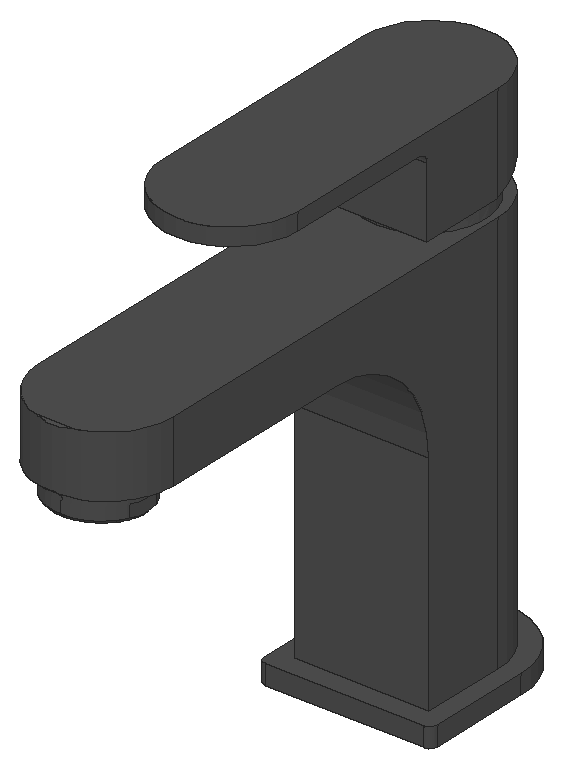
Revit family "Reece_Tap_Mizu_Soothe_Basin Mixer", category Plumbing Fixtures, host Face, Revit 2018
Family settings
  Host = Face
  Round Connector Dimension = Use Diameter
  Part Type = Normal
  Cut with Voids When Loaded = No
  Shared = Yes
  Room Calculation Point = Yes
Parameters (values of type "Matte Black")
  WFU = 0  # constant formula
  URL = "https://www.reece.com.au/product/-9505359"
  Type Comments = "Tap"
  Reece_Tap_Reach = 106 mm  # constant formula
  Reece_Tap_Inlet = 25 mm  # constant formula
  Reece_Tap_Clearance = 86 mm  # constant formula
  Reece_Product_Web Page = "https://www.reece.com.au/product/-9505359"
  Reece_Product_Type = "Tap"  # constant formula
  Reece_Product_Sub Brand = "Soothe"  # constant formula
  Reece_Product_Number = "9505359"
  Reece_Product_Mount = "Hob Mounted"
  Reece_Product_Description = "Mizu Soothe Basin Mixer Tap Matte Black (4 Star)"
  Reece_Product_Brand = "Mizu"  # constant formula
  Reece_Overall_Width = 45 mm  # constant formula
  Reece_Overall_Projection = 145 mm  # constant formula
  Reece_Overall_Height = 140 mm  # constant formula
  Reece_Material-Main = Reece_Brass_Matte Black
  Reece_Detail_Installation = ""
  Reece_Detail_Disclaimer = "THIS FILE IS THE PROPERTY OF THE REECE GROUP. IT MAY NOT BE REPRODUCED, REVERSE-ENGINEERED OR MODIFIED. ANY REPUBLICATION, TRANSMISSION OR DISTRIBUTION FOR THE PURPOSE OF COMMERCIALLY EXPLOITING THE FILES IS PROHIBITED."  # constant formula
  Reece_Detail_Connector = ""
  Reece_Detail_Additional = ""
  Reece_Backplate_Length = 50 mm  # constant formula
  Reece_Backplate_Height = 5 mm  # constant formula
  Model = "Soothe"
  Manufacturer = "Mizu"
  Keynote = "Product #9505359, Reece_Tap_Mizu_Soothe_Basin Mixer - Matte Black"
  HWFU = 0  # constant formula
  Disclaimer = "THIS FILE IS THE PROPERTY OF THE REECE GROUP. IT MAY NOT BE REPRODUCED, REVERSE-ENGINEERED OR MODIFIED. ANY REPUBLICATION, TRANSMISSION OR DISTRIBUTION FOR THE PURPOSE OF COMMERCIALLY EXPLOITING THE FILES IS PROHIBITED."  # constant formula
  Description = "Mizu Soothe Basin Mixer Tap Matte Black (4 Star)"
  Default Elevation = 1000 mm
  CWFU = 0  # constant formula
Types (3, lengths in mm): name | URL | Reece_Product_Web Page | Reece_Product_Number | Reece_Product_Description | Reece_Material-Main | Keynote | Description
  (no name) | "https://www.reece.com.au/product/-9503817" | "https://www.reece.com.au/product/-9503817" | "9503817" | "Mizu Soothe Basin Mixer Tap Chrome (4 Star)" | Reece_Brass_Chrome | "Product #9503817, Reece_Tap_Mizu_Soothe_Basin Mixer -  " | "Mizu Soothe Basin Mixer Tap Chrome (4 Star)"
  Chrome | "https://www.reece.com.au/product/-9503817" | "https://www.reece.com.au/product/-9503817" | "9503817" | "Mizu Soothe Basin Mixer Tap Chrome (4 Star)" | Reece_Brass_Chrome | "Product #9503817, Reece_Tap_Mizu_Soothe_Basin Mixer - Chrome" | "Mizu Soothe Basin Mixer Tap Chrome (4 Star)"
  Matte Black | "https://www.reece.com.au/product/-9505359" | "https://www.reece.com.au/product/-9505359" | "9505359" | "Mizu Soothe Basin Mixer Tap Matte Black (4 Star)" | Reece_Brass_Matte Black | "Product #9505359, Reece_Tap_Mizu_Soothe_Basin Mixer - Matte Black" | "Mizu Soothe Basin Mixer Tap Matte Black (4 Star)"
Reference planes
  plane 1 "Center (Front/Back)": y = 0
  plane 2 "Bottom": z = 0
  plane 3 "Center (Left/Right)": x = 0
  plane 4: y = 24
  plane 5: y = -26
  plane 6: x = 22.5
  plane 7: x = -22.5
  plane 8: y = -121
  plane 9: z = 140
  plane 10: z = 114.6
  plane 11: z = 86
  plane 12: y = -106
Forms (mm)
  Extrusion 1, solid, material "Reece_Brass_Matte Black" <- "Reece_Material-Main"
    sketch origin (0, -1, 0) x (1, 0, 0) y (0, 1, 0)
      loop
        line (-20.5, -25) -> (20.5, -25)
        arc (20.5, -25) -> (21.914, -24.414) -> (22.5, -23) r 2
        line (22.5, -23) -> (22.5, 4.215)
        arc (22.5, 4.215) -> (20.228, 13.474) -> (13.929, 20.628) r 20
        arc (13.929, 20.628) -> (0, 25) -> (-13.929, 20.628) r 24.375
        arc (-13.929, 20.628) -> (-20.228, 13.474) -> (-22.5, 4.215) r 20
        line (-22.5, 4.215) -> (-22.5, -23)
        arc (-22.5, -23) -> (-21.914, -24.414) -> (-20.5, -25) r 2
    from 0 to 5
  Extrusion 2, solid, material "Reece_Brass_Matte Black" <- "Reece_Material-Main"
    sketch origin (0, -1, 5) x (1, 0, 0) y (0, 1, 0)
      loop
        line (-17.5, 3.005) -> (-17.5, -102.5)
        arc (-17.5, -102.5) -> (0, -120) -> (17.5, -102.5) r 17.5
        line (17.5, -102.5) -> (17.5, 3.005)
        arc (17.5, 3.005) -> (0, 20.505) -> (-17.5, 3.005) r 17.5
    from 0 to 105
  Extrusion 3, void
    sketch origin (0, -1, 0) x (0, 1, 0) y (0, 0, 1)
      loop
        line (-19.527, 4.958) -> (-19.527, 63.958)
        arc (-19.527, 63.958) -> (-28.313, 85.171) -> (-49.527, 93.958) r 30
        line (-49.527, 93.958) -> (-119.271, 93.958)
        arc (-119.271, 93.958) -> (-120.022, 94.269) -> (-120.333, 95.02) r 1.063
        line (-120.333, 95.02) -> (-120.333, 108.947)
        arc (-120.333, 108.947) -> (-120.025, 109.692) -> (-119.28, 110) r 1.053
        line (-119.28, 110) -> (-115, 110) -> (-115, 119.958) -> (-146.796, 119.958) -> (-146.796, 4.958) -> (-19.527, 4.958)
    from -31.721 to 35.674
  Extrusion 4, solid, material "Reece_Brass_Matte Black" <- "Reece_Material-Main"
    sketch origin (0, 0, 20.9) x (1, 0, 0) y (0, 1, 0)
      loop
        arc (17.5, 2.005) -> (0, 19.505) -> (-17.5, 2.005) r 17.5
        line (-17.5, 2.005) -> (-17.5, -62.995)
        arc (-17.5, -62.995) -> (0, -80.495) -> (17.5, -62.995) r 17.5
        line (17.5, -62.995) -> (17.5, 2.005)
    from 93.7 to 119.1
  Extrusion 5, void
    sketch origin (0, 0, 0) x (0, 1, 0) y (0, 0, 1)
      loop
        line (24, 124.587) -> (-1.865, 113.071) -> (24, 113.071) -> (24, 124.587)
    from -32.109 to 22.5
  Revolve 6, solid, material "Reece_Brass_Matte Black" <- "Reece_Material-Main"
    sketch origin (0, 0, 0) x (0, 1, 0) y (0, 0, 1)
      loop
        arc (15.725, 110) -> (14.168, 117.288) -> (9.39, 123.008) r 15.5
        line (9.39, 123.008) -> (0, 123.008) -> (0, 110) -> (15.725, 110)
      axis (0, 123.008) -> (0, 110)
    angle from 0 to 360
  Revolve 7, solid, material "Reece_Brass_Matte Black" <- "Reece_Material-Main"
    sketch origin (0, -4.908, -5.411) x (0, 0.99863, -0.052336) y (0, 0.052336, 0.99863)
      loop
        line (-105.777, 94.918) -> (-118.132, 94.918) -> (-118.132, 86.984) -> (-117.148, 86) -> (-110.777, 86) -> (-110.777, 90.187) -> (-105.777, 90.187) -> (-105.777, 94.918)
      axis (-105.777, 94.918) -> (-105.777, 86)
    angle from 0 to 360
  Extrusion 8, void
    sketch origin (0, 0, 0) x (1, 0, 0) y (0, 1, 0)
      loop
        circle (0, 0) r 12.5
    from -16.545 to 5
  Extrusion 9, void
    sketch origin (0, 0, 0) x (0, 1, 0) y (0, 0, 1)
      loop
        line (-100.826, 89.927) -> (-110.812, 90.45) -> (-111.143, 84.132) -> (-101.157, 83.609) -> (-100.826, 89.927)
    from 11.559 to 14.294
  Extrusion 10, void
    sketch origin (0, 0, 0) x (0, 1, 0) y (0, 0, -1)
      loop
        line (-100.826, -89.927) -> (-101.157, -83.609) -> (-111.143, -84.132) -> (-110.812, -90.45) -> (-100.826, -89.927)
    from 11.559 to 14.294
  Extrusion 11, solid, material "Reece_Brass_Matte Black" <- "Reece_Material-Main"
    sketch origin (0, -21.123, -1.834) x (1, 0, 0) y (0, 0, 1)
      loop
        circle (0, 126.884) r 3.5
    from 0 to 1
  Extrusion 12, void
    sketch origin (0, 0, 0) x (0, 1, 0) y (0, 0, 1)
      loop
        line (-80.495, 135.5) -> (-80.495, 114.6) -> (-21.123, 114.6) -> (-21.123, 132.827)
        arc (-21.123, 132.827) -> (-21.906, 134.717) -> (-23.796, 135.5) r 2.673
        line (-23.796, 135.5) -> (-80.495, 135.5)
    from -34.091 to 22.5
Cuts and joins
  Extrusion 3, Extrusion 10 cuts Extrusion 1
  Extrusion 3, Extrusion 10 cuts Extrusion 2
  Extrusion 5, Extrusion 10, Extrusion 12 cuts Extrusion 4
  Extrusion 10 cuts Revolve 6
  Extrusion 9, Extrusion 10 cuts Revolve 7
  joined: Extrusion 1, Extrusion 2, Extrusion 4, Revolve 6, Revolve 7
Text (mm)
  text "Reece Copyright © 2018, Reece Ltd." at (-1403.988, -1192.393, 0), in view "Ref. Level"
  text "Reece ©" at (44.384, 258.95, 192.345), in view "Reece Preview"
Dimensions and locks
  "Reece_Overall_Height": plane 9 to host face
  "Reece_Overall_Projection": plane 4 to plane 8
  "Reece_Overall_Width": plane 7 to plane 6
  "Reece_Backplate_Length": plane 4 to plane 5
  plane 4 to plane 8 = 145 mm
  "Reece_Overall_Width": plane 7 to cut or joined group of Extrusion 1, Extrusion 2, Extrusion 3, Extrusion 4, Extrusion 5, Revolve 6, Revolve 7, Extrusion 9, Extrusion 10, Extrusion 12
  "Reece_Tap_Clearance": plane 11 to host face
  "Reece_Tap_Reach": plane 1 "Center (Front/Back)" to plane 12
  aligned and locked: plane 2 "Bottom" to host face
  aligned and locked: level to host face
Automatic sketch dimensions
  host sketch curve to host sketch curve = 380.785 mm
  host sketch curve to host sketch curve = 317.421 mm
  Extrusion 1 sketch curve to plane 7 = 0 mm
  plane 5 to Extrusion 1 sketch curve = 0 mm
  Extrusion 1 sketch curve to plane 3 "Center (Left/Right)" = 0 mm
  Extrusion 1 sketch curve to plane 6 = 0 mm
  Extrusion 1 sketch curve to plane 5 = 2 mm  (x2)
  Extrusion 1 sketch curve to plane 3 "Center (Left/Right)" = 2.5 mm
  plane 3 "Center (Left/Right)" to Extrusion 1 sketch curve = 2.5 mm
  plane 1 "Center (Front/Back)" to Extrusion 1 sketch curve = 0.375 mm
  Extrusion 1 sketch curve to plane 1 "Center (Front/Back)" = 3.215 mm  (x2)
  Extrusion 1 sketch curve to Extrusion 1 sketch curve = 0 mm
  Extrusion 2 sketch curve to plane 3 "Center (Left/Right)" = 0 mm
  Extrusion 2 sketch curve to plane 7 = 5 mm
  Extrusion 2 sketch curve to plane 12 = 2.5 mm
  Extrusion 2 sketch curve to plane 1 "Center (Front/Back)" = 2.005 mm
  plane 10 to Extrusion 3 sketch curve = 5.358 mm
  Extrusion 3 sketch curve to plane 8 = 26.796 mm
  Extrusion 3 sketch curve to plane 8 = 0.333 mm
  plane 8 to Extrusion 3 sketch curve = 0.72 mm
  plane 8 to Extrusion 3 sketch curve = 0.729 mm
  plane 8 to Extrusion 3 sketch curve = 5 mm
  plane 11 to Extrusion 3 sketch curve = 7.958 mm
  plane 5 to Extrusion 3 sketch curve = 24.527 mm
  Extrusion 3 sketch curve to plane 5 = 5.473 mm
  level to Extrusion 3 sketch curve = 4.958 mm
  Extrusion 3 sketch curve to plane 10 = 5.653 mm
  Extrusion 4 sketch curve to plane 3 "Center (Left/Right)" = 0 mm
  Extrusion 4 sketch curve to plane 1 "Center (Front/Back)" = 2.005 mm
  Extrusion 4 sketch curve to plane 7 = 5 mm
  plane 5 to Extrusion 4 sketch curve = 36.995 mm
  Extrusion 5 sketch curve to plane 4 = 0 mm
  plane 1 "Center (Front/Back)" to Extrusion 5 sketch curve = 1.865 mm
  Extrusion 5 sketch curve to plane 10 = 1.529 mm
  plane 10 to Extrusion 5 sketch curve = 9.987 mm
  Revolve 6 sketch curve to plane 1 "Center (Front/Back)" = 0 mm  (x2)
  Revolve 6 sketch curve to plane 1 "Center (Front/Back)" = 0.233 mm
  Revolve 6 sketch curve to Revolve 6 sketch curve = 9.39 mm
  Revolve 6 sketch curve to plane 10 = 4.6 mm
  Revolve 6 sketch curve to plane 4 = 8.275 mm
  Revolve 6 sketch curve to Revolve 6 sketch curve = 0.502 mm
  Revolve 6 sketch curve to Revolve 6 sketch curve = 0 mm
  Revolve 6 sketch curve to Revolve 6 sketch curve = 2.715 mm
  plane 8 to Revolve 7 sketch curve = 3.09 mm
  plane 11 to Revolve 7 sketch curve = 9.559 mm
  Revolve 7 sketch curve to Revolve 7 sketch curve = 0.984 mm
  Revolve 7 sketch curve to Revolve 7 sketch curve = 6.372 mm
  Revolve 7 sketch curve to Revolve 7 sketch curve = 5 mm
  Revolve 7 sketch curve to Revolve 7 sketch curve = 4.73 mm
  Revolve 7 sketch curve to Revolve 7 sketch curve = 7.934 mm
  Revolve 7 sketch curve to Revolve 7 sketch curve = 4.187 mm
  Revolve 7 sketch curve to Revolve 7 sketch curve = 0 mm
  Revolve 7 sketch curve to Revolve 7 sketch curve = 0.96 mm
  Revolve 7 sketch curve to Revolve 7 sketch curve = 1.082 mm
  plane 1 "Center (Front/Back)" to Extrusion 8 sketch curve = 0 mm
  Extrusion 8 sketch curve to plane 3 "Center (Left/Right)" = 0 mm
  Extrusion 9 sketch curve to plane 11 = 1.868 mm
  plane 12 to Extrusion 9 sketch curve = 5.143 mm
  plane 12 to Extrusion 9 sketch curve = 4.812 mm
  Extrusion 9 sketch curve to plane 12 = 4.843 mm
  Extrusion 9 sketch curve to Extrusion 9 sketch curve = 0.523 mm
  Extrusion 10 sketch curve to plane 11 = 1.868 mm
  plane 12 to Extrusion 10 sketch curve = 5.143 mm
  plane 12 to Extrusion 10 sketch curve = 4.812 mm
  Extrusion 10 sketch curve to plane 12 = 4.843 mm
  plane 11 to Extrusion 10 sketch curve = 3.927 mm
  Extrusion 11 sketch curve to plane 3 "Center (Left/Right)" = 0 mm
  plane 10 to Extrusion 11 sketch curve = 10.45 mm
  Extrusion 12 sketch curve to plane 10 = 0 mm
  Extrusion 12 sketch curve to plane 9 = 4.5 mm
  Extrusion 12 sketch curve to plane 12 = 25.505 mm
  Extrusion 12 sketch curve to plane 5 = 2.204 mm
  Extrusion 12 sketch curve to plane 5 = 4.877 mm
  radius of Extrusion 8 sketch curve = 12.5 mm
  radius of Extrusion 11 sketch curve = 3.5 mm
Connectors
  piping at (0, 0, 0), diameter 25, driven by "Reece_Tap_Inlet"
    settings: on host face, index 1, connector inside diameter 609.6 mm, connector length 0 mm, flow factor 0, pipe flow 0.0 L/s, pressure drop 0.0 Pa, fitting loss kfactor 0, connector angle 0.00°, fixture units 0, engagement length 0 mm, angle of deflection 0.00°, flow configuration 0, flow direction 1, fitting loss method 0, system type 29, joint type 0, gender type 0, connector reference index -1, connector utility 0, adjustable connector no, is connector primary yes, connector description ""
